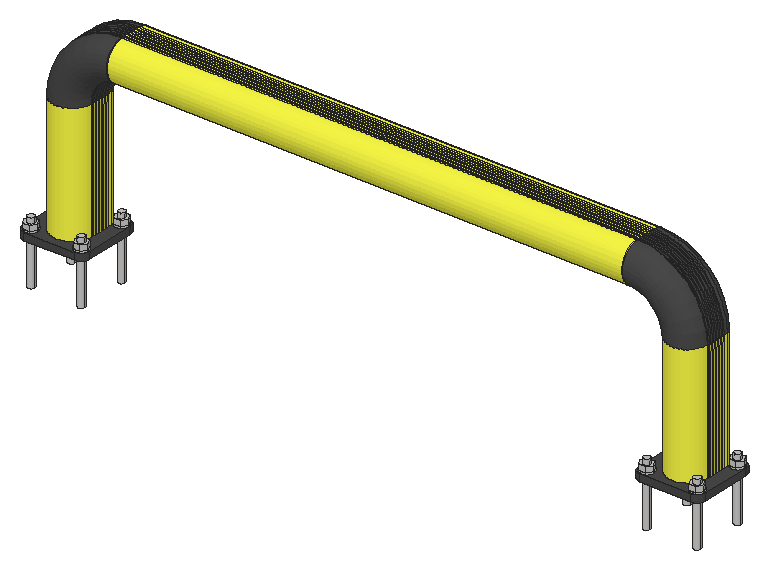
Revit family "Safety & Protection_Barrier_UltiGroup_Guard Rail-FENCE 90", category Generic Models, Revit 2016
Family settings
  Part Type = Normal
  Can host rebar = No
  Round Connector Dimension = Use Diameter
  OmniClass Number = 23.40.70.17
  OmniClass Title = Industrial and Manufacturing Equipment and Furnishings
  Work Plane-Based = No
  Always vertical = Yes
  Cut with Voids When Loaded = No
  Shared = No
  Room Calculation Point = No
Parameters (values of type "Type 1")
  URL = "www.ultigroup.co.nz"
  Toll Free Phone = "0800 807 753"
  StyleOrType_ANZRS = ""
  Send Message = "http://ultigroup.co.nz/contact-ulti-group/"
  SS Bolts = SS Bolts
  Phone = "07 974 4691"
  PVC Yellow = PVC Yellow
  PVC Black = PVC Black
  ModifiedIssue_ANZRS = 0
  Model = "Ulti Guard Rail - FENCE 90"
  Metal Black = Metal Black
  Manufacturer = "UltiGroup"
  InstallationGroup_ANZRS = 0
  FireRating_ANZRS = ""
  FilterObject_ANZRS = ""
  Fence Length = 1100 mm
  Fence Height = 350 mm
  Fax = "07 846 2467"
  Description = "Impactable PVC Guard Rail"
  CreatedBy_ANZRS = "UltiGroup"
  CreatedByURL_ANZRS = "www.ultigroup.co.nz"
  CreatedByPhoneNo_ANZRS = "07 974 4691"
  Bolt hole depth = 80 mm
  Base Plate width = 120 mm
  Base Plate length = 120 mm
  Base Plate Thickness = 12 mm
  Address = "17 McKee Street, Te Rapa, Hamilton, 3200, New Zealand"
  AcousticRating_ANZRS = ""
Reference planes
  plane 1 "Center (Front/Back)": y = 0
  plane 2: z = 0
  plane 3 "Center (Left/Right)": x = 0
  plane 4: x = 1100
  plane 5: z = 12
  plane 6: z = -80
  plane 7: z = 350
  plane 8: y = 45
  plane 9: y = -45
  plane 10: x = -35
  plane 11: x = 35
  plane 12: x = 1065
  plane 13: x = 1135
  plane 14: z = 225
  plane 15: x = 90
  plane 16: x = 1010
  plane 17: z = 280
  plane 18: z = 315
  plane 19: x = -60
  plane 20: x = 70
  plane 21: x = 60
  plane 22: y = 60
  plane 23: y = -60
  plane 24: x = 1160
  plane 25: x = 1040
  plane 26: x = -45
  plane 27: x = 45
  plane 28: x = 1055
  plane 29: x = 1145
  plane 30: y = 45
  plane 31: y = -45
Forms (mm)
  Extrusion 1, solid, material "PVC Yellow" <- "PVC Yellow"
    sketch origin (-2396.047, -1524, 12) x (-1, 0, 0) y (0, -1, 0)
      loop
        arc (-2371.047, -1569) -> (-2363.976, -1566.07) -> (-2361.047, -1558.999) r 10
        line (-2361.047, -1558.999) -> (-2361.047, -1552.554)
        arc (-2361.047, -1552.554) -> (-2361.55, -1550.815) -> (-2360.962, -1549.103) r 3
        arc (-2360.962, -1549.103) -> (-2360.548, -1547.501) -> (-2361.047, -1545.937) r 3
        arc (-2361.047, -1545.937) -> (-2361.551, -1544.272) -> (-2361.047, -1542.622) r 3
        arc (-2361.047, -1542.622) -> (-2360.547, -1540.963) -> (-2361.047, -1539.319) r 3
        arc (-2361.047, -1539.319) -> (-2361.551, -1537.654) -> (-2361.047, -1536.004) r 3
        arc (-2361.047, -1536.004) -> (-2360.547, -1534.346) -> (-2361.047, -1532.701) r 3
        arc (-2361.047, -1532.701) -> (-2361.551, -1531.036) -> (-2361.047, -1529.386) r 3
        arc (-2361.047, -1529.386) -> (-2360.547, -1527.728) -> (-2361.047, -1526.083) r 3
        arc (-2361.047, -1526.083) -> (-2361.552, -1524.417) -> (-2361.047, -1522.766) r 3
        arc (-2361.047, -1522.766) -> (-2360.547, -1521.107) -> (-2361.047, -1519.463) r 3
        arc (-2361.047, -1519.463) -> (-2361.543, -1518.026) -> (-2361.272, -1516.531) r 3
        arc (-2361.272, -1516.531) -> (-2361.126, -1516.051) -> (-2361.047, -1515.555) r 3.696
        line (-2361.047, -1515.555) -> (-2361.047, -1514)
        arc (-2361.047, -1514) -> (-2396.047, -1479) -> (-2431.047, -1514) r 35
        line (-2431.047, -1514) -> (-2431.047, -1515.555)
        arc (-2431.047, -1515.555) -> (-2430.967, -1516.051) -> (-2430.821, -1516.531) r 3.696
        arc (-2430.821, -1516.531) -> (-2430.545, -1517.945) -> (-2430.96, -1519.325) r 3
        arc (-2430.96, -1519.325) -> (-2431.543, -1520.952) -> (-2431.132, -1522.63) r 3
        arc (-2431.132, -1522.63) -> (-2430.545, -1524.262) -> (-2430.96, -1525.946) r 3
        arc (-2430.96, -1525.946) -> (-2431.543, -1527.572) -> (-2431.132, -1529.25) r 3
        arc (-2431.132, -1529.25) -> (-2430.546, -1530.881) -> (-2430.961, -1532.564) r 3
        arc (-2430.961, -1532.564) -> (-2431.543, -1534.19) -> (-2431.132, -1535.868) r 3
        arc (-2431.132, -1535.868) -> (-2430.546, -1537.499) -> (-2430.961, -1539.182) r 3
        arc (-2430.961, -1539.182) -> (-2431.543, -1540.808) -> (-2431.132, -1542.485) r 3
        arc (-2431.132, -1542.485) -> (-2430.546, -1544.117) -> (-2430.961, -1545.8) r 3
        arc (-2430.961, -1545.8) -> (-2431.543, -1547.426) -> (-2431.132, -1549.103) r 3
        arc (-2431.132, -1549.103) -> (-2430.543, -1550.815) -> (-2431.047, -1552.554) r 3
        line (-2431.047, -1552.554) -> (-2431.046, -1559)
        arc (-2431.046, -1559) -> (-2428.117, -1566.071) -> (-2421.046, -1569) r 10
        line (-2421.046, -1569) -> (-2371.047, -1569)
      loop
        line (-3461.047, -1558.999) -> (-3461.047, -1552.554)
        arc (-3461.047, -1552.554) -> (-3461.55, -1550.815) -> (-3460.962, -1549.103) r 3
        arc (-3460.962, -1549.103) -> (-3460.548, -1547.501) -> (-3461.047, -1545.923) r 3
        arc (-3461.047, -1545.923) -> (-3461.551, -1544.272) -> (-3461.047, -1542.606) r 3
        arc (-3461.047, -1542.606) -> (-3460.548, -1540.888) -> (-3461.133, -1539.182) r 3
        arc (-3461.133, -1539.182) -> (-3461.547, -1537.499) -> (-3460.962, -1535.868) r 3
        arc (-3460.962, -1535.868) -> (-3460.551, -1534.19) -> (-3461.133, -1532.564) r 3
        arc (-3461.133, -1532.564) -> (-3461.547, -1530.881) -> (-3460.962, -1529.25) r 3
        arc (-3460.962, -1529.25) -> (-3460.551, -1527.572) -> (-3461.133, -1525.946) r 3
        arc (-3461.133, -1525.946) -> (-3461.548, -1524.262) -> (-3460.962, -1522.63) r 3
        arc (-3460.962, -1522.63) -> (-3460.551, -1520.952) -> (-3461.133, -1519.325) r 3
        arc (-3461.133, -1519.325) -> (-3461.548, -1517.945) -> (-3461.272, -1516.531) r 3
        arc (-3461.272, -1516.531) -> (-3461.126, -1516.051) -> (-3461.047, -1515.555) r 3.696
        line (-3461.047, -1515.555) -> (-3461.047, -1514)
        arc (-3461.047, -1514) -> (-3496.047, -1479) -> (-3531.047, -1514) r 35
        line (-3531.047, -1514) -> (-3531.047, -1515.555)
        arc (-3531.047, -1515.555) -> (-3530.967, -1516.051) -> (-3530.821, -1516.531) r 3.696
        arc (-3530.821, -1516.531) -> (-3530.545, -1517.945) -> (-3530.96, -1519.325) r 3
        arc (-3530.96, -1519.325) -> (-3531.543, -1520.952) -> (-3531.132, -1522.63) r 3
        arc (-3531.132, -1522.63) -> (-3530.545, -1524.262) -> (-3530.96, -1525.946) r 3
        arc (-3530.96, -1525.946) -> (-3531.543, -1527.572) -> (-3531.132, -1529.25) r 3
        arc (-3531.132, -1529.25) -> (-3530.546, -1530.881) -> (-3530.961, -1532.564) r 3
        arc (-3530.961, -1532.564) -> (-3531.543, -1534.19) -> (-3531.132, -1535.868) r 3
        arc (-3531.132, -1535.868) -> (-3530.546, -1537.499) -> (-3530.961, -1539.182) r 3
        arc (-3530.961, -1539.182) -> (-3531.543, -1540.808) -> (-3531.132, -1542.485) r 3
        arc (-3531.132, -1542.485) -> (-3530.546, -1544.117) -> (-3530.961, -1545.8) r 3
        arc (-3530.961, -1545.8) -> (-3531.543, -1547.426) -> (-3531.132, -1549.103) r 3
        arc (-3531.132, -1549.103) -> (-3530.543, -1550.815) -> (-3531.047, -1552.554) r 3
        line (-3531.047, -1552.554) -> (-3531.047, -1559)
        arc (-3531.047, -1559) -> (-3528.117, -1566.071) -> (-3521.046, -1569) r 10
        line (-3521.046, -1569) -> (-3471.047, -1569)
        arc (-3471.047, -1569) -> (-3463.976, -1566.07) -> (-3461.047, -1558.999) r 10
      loop
        arc (-2371.047, -1514) -> (-2396.047, -1489) -> (-2421.047, -1514) r 25
        line (-2421.047, -1514) -> (-2421.047, -1552)
        arc (-2421.047, -1552) -> (-2418.954, -1556.992) -> (-2413.927, -1558.999) r 7
        line (-2413.927, -1558.999) -> (-2378.047, -1558.999)
        arc (-2378.047, -1558.999) -> (-2373.097, -1556.949) -> (-2371.047, -1551.999) r 7
        line (-2371.047, -1551.999) -> (-2371.047, -1514)
      loop
        line (-3521.047, -1514) -> (-3521.047, -1551.999)
        arc (-3521.047, -1551.999) -> (-3518.996, -1556.949) -> (-3514.047, -1558.999) r 7
        line (-3514.047, -1558.999) -> (-3478.167, -1558.999)
        arc (-3478.167, -1558.999) -> (-3473.14, -1556.992) -> (-3471.047, -1552) r 7
        line (-3471.047, -1552) -> (-3471.047, -1514)
        arc (-3471.047, -1514) -> (-3496.047, -1489) -> (-3521.047, -1514) r 25
    from 0 to 213
  Sweep 2, solid, material "PVC Black" <- "PVC Black"
    path origin (0, 0, 0) x (1, 0, 0) y (0, 0, 1)
      loop
        arc (0, 225) -> (26.36, 288.64) -> (90, 315) r 90
    profile origin (26.36, 0, 288.64) x (-0.707107, 0, 0.707107) y (0, -1, 0)
      loop
        line (35, -35) -> (35, -28.554)
        arc (35, -28.554) -> (34.496, -26.815) -> (35.085, -25.103) r 3
        arc (35.085, -25.103) -> (35.496, -23.426) -> (34.914, -21.8) r 3
        arc (34.914, -21.8) -> (34.499, -20.117) -> (35.085, -18.485) r 3
        arc (35.085, -18.485) -> (35.496, -16.808) -> (34.914, -15.182) r 3
        arc (34.914, -15.182) -> (34.499, -13.499) -> (35.085, -11.868) r 3
        arc (35.085, -11.868) -> (35.496, -10.19) -> (34.914, -8.564) r 3
        arc (34.914, -8.564) -> (34.499, -6.881) -> (35.085, -5.25) r 3
        arc (35.085, -5.25) -> (35.496, -3.572) -> (34.913, -1.946) r 3
        arc (34.913, -1.946) -> (34.499, -0.262) -> (35.085, 1.37) r 3
        arc (35.085, 1.37) -> (35.496, 3.048) -> (34.913, 4.675) r 3
        arc (34.913, 4.675) -> (34.498, 6.055) -> (34.775, 7.469) r 3
        arc (34.775, 7.469) -> (34.921, 7.949) -> (35, 8.445) r 3.696
        line (35, 8.445) -> (35, 9.962)
        arc (35, 9.962) -> (0, 44.962) -> (-35, 9.962) r 35
        line (-35, 9.962) -> (-35, 8.449)
        arc (-35, 8.449) -> (-34.921, 7.951) -> (-34.774, 7.469) r 3.696
        arc (-34.774, 7.469) -> (-34.498, 6.055) -> (-34.913, 4.675) r 3
        arc (-34.913, 4.675) -> (-35.496, 3.048) -> (-35.084, 1.37) r 3
        arc (-35.084, 1.37) -> (-34.498, -0.262) -> (-34.913, -1.946) r 3
        arc (-34.913, -1.946) -> (-35.496, -3.572) -> (-35.085, -5.25) r 3
        arc (-35.085, -5.25) -> (-34.499, -6.881) -> (-34.913, -8.564) r 3
        arc (-34.913, -8.564) -> (-35.496, -10.19) -> (-35.085, -11.868) r 3
        arc (-35.085, -11.868) -> (-34.499, -13.499) -> (-34.913, -15.182) r 3
        arc (-34.913, -15.182) -> (-35.496, -16.808) -> (-35.085, -18.485) r 3
        arc (-35.085, -18.485) -> (-34.499, -20.117) -> (-34.913, -21.8) r 3
        arc (-34.913, -21.8) -> (-35.496, -23.426) -> (-35.085, -25.103) r 3
        arc (-35.085, -25.103) -> (-34.496, -26.816) -> (-35, -28.555) r 3
        line (-35, -28.555) -> (-35, -34.999)
        arc (-35, -34.999) -> (-32.071, -42.07) -> (-25, -44.999) r 10
        line (-25, -44.999) -> (25, -45)
        arc (25, -45) -> (32.071, -42.071) -> (35, -35) r 10
      loop
        arc (25, 10) -> (0, 35) -> (-25, 10) r 25
        line (-25, 10) -> (-25, -27.999)
        arc (-25, -27.999) -> (-22.949, -32.949) -> (-18, -34.999) r 7
        line (-18, -34.999) -> (18, -35)
        arc (18, -35) -> (22.95, -32.95) -> (25, -28) r 7
        line (25, -28) -> (25, 10)
  Sweep 3, solid, material "PVC Black" <- "PVC Black"
    path origin (0, 0, 0) x (1, 0, 0) y (0, 0, 1)
      loop
        arc (1010, 315) -> (1073.64, 288.64) -> (1100, 225) r 90
    profile origin (1073.64, 0, 288.64) x (0.707107, 0, 0.707107) y (0, -1, 0)
      loop
        line (35, -35) -> (35, -28.554)
        arc (35, -28.554) -> (34.496, -26.815) -> (35.085, -25.103) r 3
        arc (35.085, -25.103) -> (35.496, -23.426) -> (34.914, -21.8) r 3
        arc (34.914, -21.8) -> (34.499, -20.117) -> (35.085, -18.485) r 3
        arc (35.085, -18.485) -> (35.496, -16.808) -> (34.914, -15.182) r 3
        arc (34.914, -15.182) -> (34.499, -13.499) -> (35.085, -11.868) r 3
        arc (35.085, -11.868) -> (35.496, -10.19) -> (34.914, -8.564) r 3
        arc (34.914, -8.564) -> (34.499, -6.881) -> (35.085, -5.25) r 3
        arc (35.085, -5.25) -> (35.496, -3.572) -> (34.913, -1.946) r 3
        arc (34.913, -1.946) -> (34.499, -0.262) -> (35.085, 1.37) r 3
        arc (35.085, 1.37) -> (35.496, 3.048) -> (34.913, 4.675) r 3
        arc (34.913, 4.675) -> (34.498, 6.055) -> (34.775, 7.469) r 3
        arc (34.775, 7.469) -> (34.921, 7.949) -> (35, 8.445) r 3.696
        line (35, 8.445) -> (35, 9.962)
        arc (35, 9.962) -> (0, 44.962) -> (-35, 9.962) r 35
        line (-35, 9.962) -> (-35, 8.449)
        arc (-35, 8.449) -> (-34.921, 7.951) -> (-34.774, 7.469) r 3.696
        arc (-34.774, 7.469) -> (-34.498, 6.055) -> (-34.913, 4.675) r 3
        arc (-34.913, 4.675) -> (-35.496, 3.048) -> (-35.084, 1.37) r 3
        arc (-35.084, 1.37) -> (-34.498, -0.262) -> (-34.913, -1.946) r 3
        arc (-34.913, -1.946) -> (-35.496, -3.572) -> (-35.085, -5.25) r 3
        arc (-35.085, -5.25) -> (-34.499, -6.881) -> (-34.913, -8.564) r 3
        arc (-34.913, -8.564) -> (-35.496, -10.19) -> (-35.085, -11.868) r 3
        arc (-35.085, -11.868) -> (-34.499, -13.499) -> (-34.913, -15.182) r 3
        arc (-34.913, -15.182) -> (-35.496, -16.808) -> (-35.085, -18.485) r 3
        arc (-35.085, -18.485) -> (-34.499, -20.117) -> (-34.913, -21.8) r 3
        arc (-34.913, -21.8) -> (-35.496, -23.426) -> (-35.085, -25.103) r 3
        arc (-35.085, -25.103) -> (-34.496, -26.816) -> (-35, -28.555) r 3
        line (-35, -28.555) -> (-35, -34.999)
        arc (-35, -34.999) -> (-32.071, -42.07) -> (-25, -44.999) r 10
        line (-25, -44.999) -> (25, -45)
        arc (25, -45) -> (32.071, -42.071) -> (35, -35) r 10
      loop
        line (-25, 10) -> (-25, -27.999)
        arc (-25, -27.999) -> (-22.949, -32.949) -> (-18, -34.999) r 7
        line (-18, -34.999) -> (18, -35)
        arc (18, -35) -> (22.95, -32.95) -> (25, -28) r 7
        line (25, -28) -> (25, 10)
        arc (25, 10) -> (0, 35) -> (-25, 10) r 25
  Extrusion 4, solid, material "PVC Yellow" <- "PVC Yellow"
    sketch origin (90, -1524, 350) x (0, 0, 1) y (0, -1, 0)
      loop
        line (-60, -1569) -> (-10, -1569)
        arc (-10, -1569) -> (-2.929, -1566.071) -> (0, -1559) r 10
        line (0, -1559) -> (0, -1552.554)
        arc (0, -1552.554) -> (-0.504, -1550.815) -> (0.085, -1549.103) r 3
        arc (0.085, -1549.103) -> (0.496, -1547.426) -> (-0.086, -1545.8) r 3
        arc (-0.086, -1545.8) -> (-0.501, -1544.117) -> (0.085, -1542.485) r 3
        arc (0.085, -1542.485) -> (0.496, -1540.808) -> (-0.086, -1539.182) r 3
        arc (-0.086, -1539.182) -> (-0.501, -1537.499) -> (0.085, -1535.868) r 3
        arc (0.085, -1535.868) -> (0.496, -1534.19) -> (-0.086, -1532.564) r 3
        arc (-0.086, -1532.564) -> (-0.501, -1530.881) -> (0.085, -1529.25) r 3
        arc (0.085, -1529.25) -> (0.496, -1527.572) -> (-0.087, -1525.946) r 3
        arc (-0.087, -1525.946) -> (-0.501, -1524.262) -> (0.085, -1522.63) r 3
        arc (0.085, -1522.63) -> (0.496, -1520.952) -> (-0.087, -1519.325) r 3
        arc (-0.087, -1519.325) -> (-0.502, -1517.945) -> (-0.225, -1516.531) r 3
        arc (-0.225, -1516.531) -> (-0.079, -1516.051) -> (0, -1515.555) r 3.696
        line (0, -1515.555) -> (0, -1514.038)
        arc (0, -1514.038) -> (-35, -1479.038) -> (-70, -1514.038) r 35
        line (-70, -1514.038) -> (-70, -1515.551)
        arc (-70, -1515.551) -> (-69.921, -1516.049) -> (-69.774, -1516.531) r 3.696
        arc (-69.774, -1516.531) -> (-69.498, -1517.945) -> (-69.913, -1519.325) r 3
        arc (-69.913, -1519.325) -> (-70.496, -1520.952) -> (-70.084, -1522.63) r 3
        arc (-70.084, -1522.63) -> (-69.498, -1524.262) -> (-69.913, -1525.946) r 3
        arc (-69.913, -1525.946) -> (-70.496, -1527.572) -> (-70.085, -1529.25) r 3
        arc (-70.085, -1529.25) -> (-69.499, -1530.881) -> (-69.913, -1532.564) r 3
        arc (-69.913, -1532.564) -> (-70.496, -1534.19) -> (-70.085, -1535.868) r 3
        arc (-70.085, -1535.868) -> (-69.499, -1537.499) -> (-69.913, -1539.182) r 3
        arc (-69.913, -1539.182) -> (-70.496, -1540.808) -> (-70.085, -1542.485) r 3
        arc (-70.085, -1542.485) -> (-69.499, -1544.117) -> (-69.913, -1545.8) r 3
        arc (-69.913, -1545.8) -> (-70.496, -1547.426) -> (-70.085, -1549.103) r 3
        arc (-70.085, -1549.103) -> (-69.496, -1550.816) -> (-70, -1552.555) r 3
        line (-70, -1552.555) -> (-70, -1558.999)
        arc (-70, -1558.999) -> (-67.071, -1566.07) -> (-60, -1569) r 10
      loop
        line (-60, -1514) -> (-60, -1551.999)
        arc (-60, -1551.999) -> (-57.949, -1556.949) -> (-53, -1558.999) r 7
        line (-53, -1558.999) -> (-17, -1559)
        arc (-17, -1559) -> (-12.05, -1556.95) -> (-10, -1552) r 7
        line (-10, -1552) -> (-10, -1514)
        arc (-10, -1514) -> (-35, -1489) -> (-60, -1514) r 25
    from 0 to 920
  Extrusion 5, solid, material "Metal Black" <- "Metal Black"
    sketch origin (0, 0, 0) x (1, 0, 0) y (0, 1, 0)
      loop
        line (-60, 45) -> (-60, -45)
        arc (-60, -45) -> (-55.607, -55.607) -> (-45, -60) r 15
        line (-45, -60) -> (45, -60)
        arc (45, -60) -> (55.607, -55.607) -> (60, -45) r 15
        line (60, -45) -> (60, 45)
        arc (60, 45) -> (55.607, 55.607) -> (45, 60) r 15
        line (45, 60) -> (-45, 60)
        arc (-45, 60) -> (-55.607, 55.607) -> (-60, 45) r 15
      loop
        line (1160, -45) -> (1160, 45)
        arc (1160, 45) -> (1155.607, 55.607) -> (1145, 60) r 15
        line (1145, 60) -> (1055, 60)
        arc (1055, 60) -> (1044.393, 55.607) -> (1040, 45) r 15
        line (1040, 45) -> (1040, -45)
        arc (1040, -45) -> (1044.393, -55.607) -> (1055, -60) r 15
        line (1055, -60) -> (1145, -60)
        arc (1145, -60) -> (1155.607, -55.607) -> (1160, -45) r 15
      loop
        circle (-45, 45) r 6
      loop
        circle (45, 45) r 6
      loop
        circle (-45, -45) r 6
      loop
        circle (45, -45) r 6
      loop
        circle (1055, 45) r 6
      loop
        circle (1145, 45) r 6
      loop
        circle (1055, -45) r 6
      loop
        circle (1145, -45) r 6
    from 0 to 12
  Extrusion 6, solid, material "SS Bolts" <- "SS Bolts"
    sketch origin (-2396.047, -1524, 12) x (-1, 0, 0) y (0, -1, 0)
      loop
        circle (-2351.047, -1569) r 6
      loop
        circle (-2441.047, -1569) r 6
      loop
        circle (-2441.047, -1479) r 6
      loop
        circle (-2351.047, -1479) r 6
    from -92 to 20
  Extrusion 7, solid, material "SS Bolts" <- "SS Bolts"
    sketch origin (-2396.047, -1524, 12) x (-1, 0, 0) y (0, -1, 0)
      loop
        circle (-2351.047, -1569) r 6
      loop
        circle (-2441.047, -1569) r 6
      loop
        circle (-2441.047, -1479) r 6
      loop
        circle (-2351.047, -1479) r 6
      loop
        circle (-2351.047, -1479) r 12
      loop
        circle (-2351.047, -1569) r 12
      loop
        circle (-2441.047, -1479) r 12
      loop
        circle (-2441.047, -1569) r 12
    from 0 to 2
  Extrusion 8, solid, material "SS Bolts" <- "SS Bolts"
    sketch origin (-2396.047, -1524, 12) x (-1, 0, 0) y (0, -1, 0)
      loop
        line (-2363.047, -1569) -> (-2357.047, -1579.392) -> (-2345.047, -1579.392) -> (-2339.047, -1569) -> (-2345.047, -1558.608) -> (-2357.047, -1558.608) -> (-2363.047, -1569)
      loop
        circle (-2351.047, -1569) r 6
      loop
        line (-2363.047, -1479) -> (-2357.047, -1489.392) -> (-2345.047, -1489.392) -> (-2339.047, -1479) -> (-2345.047, -1468.608) -> (-2357.047, -1468.608) -> (-2363.047, -1479)
      loop
        circle (-2351.047, -1479) r 6
      loop
        circle (-2441.047, -1569) r 6
      loop
        circle (-2441.047, -1479) r 6
      loop
        line (-2453.047, -1479) -> (-2447.047, -1489.392) -> (-2435.047, -1489.392) -> (-2429.047, -1479) -> (-2435.047, -1468.608) -> (-2447.047, -1468.608) -> (-2453.047, -1479)
      loop
        line (-2453.047, -1569) -> (-2447.047, -1579.392) -> (-2435.047, -1579.392) -> (-2429.047, -1569) -> (-2435.047, -1558.608) -> (-2447.047, -1558.608) -> (-2453.047, -1569)
    from 0 to 12
  Extrusion 9, solid, material "SS Bolts" <- "SS Bolts"
    sketch origin (-2396.047, -1524, 12) x (-1, 0, 0) y (0, -1, 0)
      loop
        circle (-3541.047, -1569) r 6
      loop
        circle (-3451.047, -1569) r 6
      loop
        circle (-3451.047, -1479) r 6
      loop
        circle (-3541.047, -1479) r 6
    from -92 to 20
  Extrusion 10, solid, material "SS Bolts" <- "SS Bolts"
    sketch origin (-2396.047, -1524, 12) x (-1, 0, 0) y (0, -1, 0)
      loop
        circle (-3541.047, -1479) r 12
      loop
        circle (-3451.047, -1479) r 12
      loop
        circle (-3541.047, -1569) r 12
      loop
        circle (-3451.047, -1569) r 12
    from 0 to 2
  Extrusion 11, solid, material "SS Bolts" <- "SS Bolts"
    sketch origin (-2396.047, -1524, 12) x (-1, 0, 0) y (0, -1, 0)
      loop
        line (-3553.047, -1569) -> (-3547.047, -1579.392) -> (-3535.047, -1579.392) -> (-3529.047, -1569) -> (-3535.047, -1558.608) -> (-3547.047, -1558.608) -> (-3553.047, -1569)
      loop
        circle (-3541.047, -1569) r 6
      loop
        line (-3553.047, -1479) -> (-3547.047, -1489.392) -> (-3535.047, -1489.392) -> (-3529.047, -1479) -> (-3535.047, -1468.608) -> (-3547.047, -1468.608) -> (-3553.047, -1479)
      loop
        circle (-3541.047, -1479) r 6
      loop
        circle (-3451.047, -1479) r 6
      loop
        line (-3463.047, -1479) -> (-3457.047, -1489.392) -> (-3445.047, -1489.392) -> (-3439.047, -1479) -> (-3445.047, -1468.608) -> (-3457.047, -1468.608) -> (-3463.047, -1479)
      loop
        line (-3463.047, -1569) -> (-3457.047, -1579.392) -> (-3445.047, -1579.392) -> (-3439.047, -1569) -> (-3445.047, -1558.608) -> (-3457.047, -1558.608) -> (-3463.047, -1569)
      loop
        circle (-3451.047, -1569) r 6
    from 0 to 12
Cuts and joins
  joined: Extrusion 6, Extrusion 7, Extrusion 8
  joined: Extrusion 9, Extrusion 10, Extrusion 11
Dimensions and locks
  "Fence Length": plane 3 "Center (Left/Right)" to plane 4
  "Base Plate Thickness": plane 5 to level
  "Bolt hole depth": level to plane 6
  "Fence Height": plane 7 to level
  locked: plane 8 to plane 9 at 90
  equal spacing: plane 8, plane 1 "Center (Front/Back)", plane 9
  locked: plane 10 to plane 11 at 70
  equal spacing: plane 10, plane 3 "Center (Left/Right)", plane 11
  locked: plane 12 to plane 13 at 70
  equal spacing: plane 12, plane 4, plane 13
  locked: plane 11 to plane 15 at 55
  locked: plane 16 to plane 12 at 55
  locked: plane 7 to plane 14 at 125
  locked: plane 7 to plane 17 at 70
  equal spacing: plane 7, plane 18, plane 17
  "Base Plate width": plane 19 to plane 21
  equal spacing: plane 19, plane 3 "Center (Left/Right)", plane 21
  "Base Plate length": plane 22 to plane 23
  equal spacing: plane 22, plane 1 "Center (Front/Back)", plane 23
  "Base Plate width": plane 25 to plane 24
  equal spacing: plane 25, plane 4, plane 24
  locked: plane 19 to plane 26 at 15
  locked: plane 27 to plane 21 at 15
  locked: plane 29 to plane 24 at 15
  locked: plane 25 to plane 28 at 15
  locked: plane 31 to plane 23 at 15
  locked: plane 22 to plane 30 at 15
  aligned and locked: level to plane 2
  aligned and locked: Extrusion 1 sketch curve to plane 8
  aligned and locked: Extrusion 1 sketch curve to plane 10
  aligned and locked: Extrusion 1 sketch curve to plane 11
  aligned and locked: Extrusion 1 sketch curve to plane 12
  aligned and locked: Extrusion 1 sketch curve to plane 13
  aligned and locked: Extrusion 1 to plane 14
  aligned and locked: plane 8 to Sweep 2 sketch curve
  aligned and locked: plane 8 to Sweep 3 sketch curve
  aligned and locked: plane 8 to Extrusion 4 sketch curve
  aligned and locked: plane 17 to Extrusion 4 sketch curve
  aligned and locked: Extrusion 4 sketch curve to Sweep 2  (x3)
  aligned and locked: plane 16 to Extrusion 4
  aligned and locked: Extrusion 5 sketch curve to plane 19
  aligned and locked: Extrusion 5 sketch curve to plane 21
  aligned and locked: Extrusion 5 sketch curve to plane 22
  aligned and locked: Extrusion 5 sketch curve to plane 23
  aligned and locked: Extrusion 5 sketch curve to plane 24
  aligned and locked: Extrusion 5 sketch curve to plane 25
  aligned and locked: plane 26 to Extrusion 5 sketch curve  (x2)
  aligned and locked: Extrusion 5 sketch curve to plane 30  (x4)
  aligned and locked: plane 27 to Extrusion 5 sketch curve  (x2)
  aligned and locked: Extrusion 5 sketch curve to plane 31  (x4)
  aligned and locked: plane 28 to Extrusion 5 sketch curve  (x2)
  aligned and locked: plane 29 to Extrusion 5 sketch curve  (x2)
  aligned and locked: plane 5 to Extrusion 5
  aligned and locked: Extrusion 6 sketch curve to Extrusion 5  (x8)
  aligned and locked: Extrusion 6 to plane 6
  aligned and locked: Extrusion 7 sketch curve to Extrusion 6  (x8)
  aligned and locked: plane 26 to Extrusion 7 sketch curve  (x2)
  aligned and locked: Extrusion 7 sketch curve to plane 31  (x2)
  aligned and locked: Extrusion 7 sketch curve to plane 30  (x2)
  aligned and locked: plane 27 to Extrusion 7 sketch curve  (x2)
  aligned and locked: Extrusion 8 sketch curve to Extrusion 6  (x8)
  aligned and locked: Extrusion 9 sketch curve to Extrusion 5  (x8)
  aligned and locked: Extrusion 9 to plane 6
  aligned and locked: plane 29 to Extrusion 10 sketch curve  (x2)
  aligned and locked: Extrusion 10 sketch curve to plane 31  (x2)
  aligned and locked: plane 28 to Extrusion 10 sketch curve  (x2)
  aligned and locked: Extrusion 10 sketch curve to plane 30  (x2)
  aligned and locked: Extrusion 11 sketch curve to cut or joined group of Extrusion 9, Extrusion 10, Extrusion 11  (x8)
Automatic sketch dimensions
  Extrusion 1 sketch curve to Extrusion 1 sketch curve = 0 mm  (x10)
  Extrusion 1 sketch curve to plane 8 = 0 mm
  plane 11 to Extrusion 1 sketch curve = 0.085 mm  (x5)
  Extrusion 1 sketch curve to plane 3 "Center (Left/Right)" = 0 mm
  Extrusion 1 sketch curve to plane 10 = 0 mm  (x18)
  Extrusion 1 sketch curve to plane 1 "Center (Front/Back)" = 0.417 mm  (x4)
  plane 13 to Extrusion 1 sketch curve = 2.495 mm  (x2)
  plane 13 to Extrusion 1 sketch curve = 2.496 mm  (x4)
  Extrusion 1 sketch curve to plane 13 = 2.5 mm  (x5)
  Extrusion 1 sketch curve to plane 13 = 3.681 mm
  Extrusion 1 sketch curve to Extrusion 1 sketch curve = 6.319 mm
  Extrusion 1 sketch curve to plane 13 = 10 mm
  Extrusion 1 sketch curve to Extrusion 1 sketch curve = 7 mm  (x3)
  Extrusion 1 sketch curve to Extrusion 1 sketch curve = 0.12 mm  (x2)
  plane 12 to Extrusion 1 sketch curve = 10 mm
  plane 12 to Extrusion 1 sketch curve = 3.681 mm
  plane 12 to Extrusion 1 sketch curve = 2.5 mm  (x5)
  Extrusion 1 sketch curve to plane 12 = 2.495 mm  (x2)
  Extrusion 1 sketch curve to plane 12 = 2.496 mm  (x4)
  plane 11 to Extrusion 1 sketch curve = 2.496 mm  (x4)
  plane 11 to Extrusion 1 sketch curve = 2.495 mm  (x2)
  Extrusion 1 sketch curve to plane 11 = 2.5 mm  (x5)
  Extrusion 1 sketch curve to plane 11 = 3.681 mm
  Extrusion 1 sketch curve to Extrusion 1 sketch curve = 7.5 mm
  plane 10 to Extrusion 1 sketch curve = 3.681 mm
  plane 10 to Extrusion 1 sketch curve = 2.5 mm  (x5)
  Extrusion 1 sketch curve to plane 10 = 2.495 mm  (x2)
  Extrusion 1 sketch curve to plane 10 = 2.496 mm  (x4)
  Extrusion 1 sketch curve to Extrusion 1 sketch curve = 10 mm
  Extrusion 1 sketch curve to plane 8 = 10.001 mm  (x2)
  Extrusion 1 sketch curve to Extrusion 1 sketch curve = 0.001 mm
  Extrusion 1 sketch curve to Extrusion 1 sketch curve = 6.445 mm  (x2)
  Extrusion 1 sketch curve to Extrusion 1 sketch curve = 6.446 mm  (x2)
  Extrusion 1 sketch curve to Extrusion 1 sketch curve = 1.665 mm  (x4)
  Extrusion 1 sketch curve to Extrusion 1 sketch curve = 4.973 mm  (x3)
  Extrusion 1 sketch curve to Extrusion 1 sketch curve = 3.309 mm  (x12)
  Extrusion 1 sketch curve to Extrusion 1 sketch curve = 3.308 mm  (x8)
  Extrusion 1 sketch curve to plane 1 "Center (Front/Back)" = 3.728 mm  (x4)
  plane 1 "Center (Front/Back)" to Extrusion 1 sketch curve = 2.893 mm  (x4)
  Extrusion 1 sketch curve to Extrusion 1 sketch curve = 3.311 mm  (x4)
  Extrusion 1 sketch curve to Extrusion 1 sketch curve = 2.241 mm  (x3)
  Extrusion 1 sketch curve to Extrusion 1 sketch curve = 0.336 mm  (x4)
  Extrusion 1 sketch curve to Extrusion 1 sketch curve = 1.219 mm
  plane 13 to Extrusion 1 sketch curve = 0.085 mm  (x5)
  Extrusion 1 sketch curve to plane 13 = 0.225 mm
  plane 12 to Extrusion 1 sketch curve = 0.225 mm
  Extrusion 1 sketch curve to plane 12 = 0.085 mm  (x4)
  Extrusion 1 sketch curve to plane 11 = 0.225 mm
  plane 10 to Extrusion 1 sketch curve = 0.225 mm
  Extrusion 1 sketch curve to plane 10 = 0.085 mm
  Extrusion 1 sketch curve to Extrusion 1 sketch curve = 0.014 mm  (x5)
  Extrusion 1 sketch curve to Extrusion 1 sketch curve = 0.015 mm  (x5)
  Extrusion 1 sketch curve to plane 4 = 0 mm
  Extrusion 1 sketch curve to Extrusion 1 sketch curve = 1.522 mm
  Extrusion 1 sketch curve to Extrusion 1 sketch curve = 6.999 mm
  Extrusion 1 sketch curve to plane 12 = 0 mm  (x4)
  plane 12 to Extrusion 1 sketch curve = 0.086 mm  (x2)
  Extrusion 1 sketch curve to plane 11 = 0.087 mm  (x2)
  Extrusion 1 sketch curve to plane 11 = 0.086 mm  (x3)
  Extrusion 1 sketch curve to plane 11 = 0 mm
  Extrusion 1 sketch curve to Extrusion 1 sketch curve = 1.556 mm
  Extrusion 1 sketch curve to plane 13 = 0 mm
  Extrusion 1 sketch curve to plane 13 = 0.086 mm  (x3)
  Extrusion 1 sketch curve to plane 13 = 0.087 mm  (x2)
  plane 12 to Extrusion 1 sketch curve = 0.087 mm  (x2)
  plane 11 to Sweep 2 sketch curve = 55 mm
  Sweep 2 sketch curve to plane 3 "Center (Left/Right)" = 0 mm
  Sweep 2 sketch curve to Sweep 2 sketch curve = 0.001 mm
  Sweep 2 sketch curve to Sweep 2 sketch curve = 0 mm  (x5)
  profile plane to Sweep 2 sketch curve = 25 mm
  Sweep 2 sketch curve to Sweep 2 sketch curve = 7 mm  (x5)
  Sweep 2 sketch curve to profile plane = 0 mm
  Sweep 2 sketch curve to plane 1 "Center (Front/Back)" = 34.999 mm
  plane 1 "Center (Front/Back)" to Sweep 2 sketch curve = 10 mm
  Sweep 2 sketch curve to Sweep 2 sketch curve = 0.038 mm
  Sweep 2 sketch curve to Sweep 2 sketch curve = 10 mm  (x2)
  Sweep 2 sketch curve to Sweep 2 sketch curve = 7.5 mm
  Sweep 2 sketch curve to Sweep 2 sketch curve = 4.996 mm
  Sweep 2 sketch curve to Sweep 2 sketch curve = 3.308 mm
  Sweep 2 sketch curve to Sweep 2 sketch curve = 2.414 mm  (x6)
  Sweep 2 sketch curve to Sweep 2 sketch curve = 2.495 mm  (x2)
  Sweep 2 sketch curve to Sweep 2 sketch curve = 2.585 mm  (x10)
  Sweep 2 sketch curve to Sweep 2 sketch curve = 1.665 mm
  Sweep 2 sketch curve to Sweep 2 sketch curve = 2.582 mm  (x6)
  Sweep 2 sketch curve to Sweep 2 sketch curve = 1.528 mm  (x6)
  Sweep 2 sketch curve to Sweep 2 sketch curve = 2.41 mm  (x7)
  Sweep 2 sketch curve to Sweep 2 sketch curve = 1.522 mm  (x7)
  Sweep 2 sketch curve to plane 1 "Center (Front/Back)" = 1.946 mm  (x2)
  Sweep 2 sketch curve to plane 1 "Center (Front/Back)" = 0.417 mm  (x2)
  Sweep 2 sketch curve to Sweep 2 sketch curve = 2.581 mm  (x4)
  plane 1 "Center (Front/Back)" to Sweep 2 sketch curve = 1.37 mm  (x2)
  plane 1 "Center (Front/Back)" to Sweep 2 sketch curve = 2.893 mm  (x2)
  Sweep 2 sketch curve to Sweep 2 sketch curve = 2.413 mm  (x2)
  Sweep 2 sketch curve to Sweep 2 sketch curve = 1.529 mm  (x2)
  Sweep 2 sketch curve to Sweep 2 sketch curve = 3.455 mm
  Sweep 2 sketch curve to Sweep 2 sketch curve = 1.312 mm  (x2)
  Sweep 2 sketch curve to Sweep 2 sketch curve = 0.225 mm  (x2)
  Sweep 2 sketch curve to Sweep 2 sketch curve = 3.594 mm
  Sweep 2 sketch curve to Sweep 2 sketch curve = 8.11 mm
  Sweep 2 sketch curve to Sweep 2 sketch curve = 1.666 mm
  Sweep 2 sketch curve to Sweep 2 sketch curve = 0.98 mm
  Sweep 2 sketch curve to Sweep 2 sketch curve = 0.226 mm
  Sweep 2 sketch curve to Sweep 2 sketch curve = 2.72 mm
  Sweep 2 sketch curve to plane 14 = 0 mm
  profile plane to Sweep 2 sketch curve = 31.319 mm
  Sweep 3 sketch curve to plane 12 = 55 mm
  Sweep 3 sketch curve to plane 4 = 0 mm
  plane 1 "Center (Front/Back)" to Sweep 3 sketch curve = 9.962 mm
  Sweep 3 sketch curve to Sweep 3 sketch curve = 0.001 mm
  Sweep 3 sketch curve to Sweep 3 sketch curve = 0 mm  (x5)
  profile plane to Sweep 3 sketch curve = 25 mm
  Sweep 3 sketch curve to Sweep 3 sketch curve = 7 mm  (x5)
  Sweep 3 sketch curve to profile plane = 0 mm  (x2)
  Sweep 3 sketch curve to plane 1 "Center (Front/Back)" = 34.999 mm
  Sweep 3 sketch curve to Sweep 3 sketch curve = 0.038 mm
  Sweep 3 sketch curve to Sweep 3 sketch curve = 10 mm
  Sweep 3 sketch curve to Sweep 3 sketch curve = 7.5 mm
  Sweep 3 sketch curve to Sweep 3 sketch curve = 4.996 mm
  Sweep 3 sketch curve to Sweep 3 sketch curve = 8.111 mm
  Sweep 3 sketch curve to Sweep 3 sketch curve = 3.308 mm
  Sweep 3 sketch curve to Sweep 3 sketch curve = 2.414 mm  (x6)
  Sweep 3 sketch curve to Sweep 3 sketch curve = 2.495 mm  (x2)
  Sweep 3 sketch curve to Sweep 3 sketch curve = 2.585 mm  (x10)
  Sweep 3 sketch curve to Sweep 3 sketch curve = 1.665 mm
  Sweep 3 sketch curve to Sweep 3 sketch curve = 2.582 mm  (x6)
  Sweep 3 sketch curve to Sweep 3 sketch curve = 1.528 mm  (x6)
  Sweep 3 sketch curve to Sweep 3 sketch curve = 2.41 mm  (x7)
  Sweep 3 sketch curve to Sweep 3 sketch curve = 1.522 mm  (x7)
  Sweep 3 sketch curve to plane 1 "Center (Front/Back)" = 1.946 mm  (x2)
  Sweep 3 sketch curve to plane 1 "Center (Front/Back)" = 0.417 mm  (x2)
  Sweep 3 sketch curve to Sweep 3 sketch curve = 2.581 mm  (x4)
  plane 1 "Center (Front/Back)" to Sweep 3 sketch curve = 1.37 mm  (x2)
  plane 1 "Center (Front/Back)" to Sweep 3 sketch curve = 2.893 mm  (x2)
  Sweep 3 sketch curve to Sweep 3 sketch curve = 2.413 mm  (x2)
  Sweep 3 sketch curve to Sweep 3 sketch curve = 1.529 mm  (x2)
  Sweep 3 sketch curve to Sweep 3 sketch curve = 0.225 mm  (x2)
  Sweep 3 sketch curve to Sweep 3 sketch curve = 3.455 mm  (x2)
  Sweep 3 sketch curve to Sweep 3 sketch curve = 1.312 mm  (x2)
  Sweep 3 sketch curve to Sweep 3 sketch curve = 1.666 mm
  Sweep 3 sketch curve to Sweep 3 sketch curve = 0.226 mm
  Sweep 3 sketch curve to Sweep 3 sketch curve = 2.72 mm
  Sweep 3 sketch curve to Sweep 3 sketch curve = 2.409 mm
  Sweep 3 sketch curve to plane 14 = 0 mm
  Sweep 3 sketch curve to Sweep 3 sketch curve = 6.319 mm
  plane 6 to Extrusion 4 sketch curve = 370 mm
  Extrusion 4 sketch curve to Extrusion 4 sketch curve = 0.001 mm
  Extrusion 4 sketch curve to Extrusion 4 sketch curve = 0 mm  (x4)
  Extrusion 4 sketch curve to Extrusion 4 sketch curve = 10 mm
  Extrusion 4 sketch curve to Extrusion 4 sketch curve = 7 mm  (x3)
  plane 18 to Extrusion 4 sketch curve = 0 mm
  Extrusion 4 sketch curve to Extrusion 4 sketch curve = 0.038 mm
  Extrusion 4 sketch curve to plane 7 = 2.5 mm  (x5)
  plane 7 to Extrusion 4 sketch curve = 2.495 mm  (x6)
  Extrusion 4 sketch curve to Extrusion 4 sketch curve = 8.111 mm
  Extrusion 4 sketch curve to Extrusion 4 sketch curve = 3.308 mm
  Extrusion 4 sketch curve to plane 7 = 0.086 mm  (x3)
  plane 7 to Extrusion 4 sketch curve = 0.085 mm  (x5)
  Extrusion 4 sketch curve to Extrusion 4 sketch curve = 1.665 mm
  Extrusion 4 sketch curve to Extrusion 4 sketch curve = 1.528 mm  (x3)
  Extrusion 4 sketch curve to Extrusion 4 sketch curve = 1.522 mm  (x3)
  Extrusion 4 sketch curve to plane 7 = 0.087 mm  (x2)
  Extrusion 4 sketch curve to plane 1 "Center (Front/Back)" = 0.417 mm  (x2)
  plane 1 "Center (Front/Back)" to Extrusion 4 sketch curve = 2.893 mm  (x2)
  Extrusion 4 sketch curve to Extrusion 4 sketch curve = 1.529 mm  (x2)
  Extrusion 4 sketch curve to plane 7 = 0.225 mm
  Extrusion 4 sketch curve to plane 7 = 3.681 mm
  Extrusion 4 sketch curve to Extrusion 4 sketch curve = 1.312 mm
  Extrusion 4 sketch curve to plane 17 = 2.494 mm  (x2)
  plane 17 to Extrusion 4 sketch curve = 3.681 mm
  Extrusion 4 sketch curve to Extrusion 4 sketch curve = 3.759 mm
  Extrusion 4 sketch curve to Extrusion 4 sketch curve = 1.181 mm
  plane 17 to Extrusion 4 sketch curve = 0.087 mm  (x5)
  plane 17 to Extrusion 4 sketch curve = 0.226 mm
  plane 17 to Extrusion 4 sketch curve = 2.5 mm  (x5)
  Extrusion 4 sketch curve to plane 17 = 0.084 mm
  Extrusion 4 sketch curve to Extrusion 4 sketch curve = 1.782 mm
  Extrusion 4 sketch curve to plane 17 = 0.085 mm  (x4)
  Extrusion 4 sketch curve to plane 17 = 2.495 mm  (x4)
  Extrusion 4 sketch curve to Extrusion 4 sketch curve = 1.786 mm  (x4)
  Extrusion 4 sketch curve to Extrusion 4 sketch curve = 1.781 mm  (x3)
  Extrusion 4 sketch curve to plane 17 = 0 mm
  Extrusion 5 sketch curve to plane 8 = 0 mm  (x4)
  Extrusion 5 sketch curve to plane 9 = 0 mm  (x4)
  Extrusion 5 sketch curve to plane 22 = 0 mm
  Extrusion 5 sketch curve to plane 23 = 0 mm
  plane 30 to Extrusion 8 sketch curve = 0 mm  (x4)
  plane 26 to Extrusion 8 sketch curve = 6 mm  (x4)
  plane 10 to Extrusion 8 sketch curve = 2 mm  (x2)
  Extrusion 8 sketch curve to plane 26 = 6 mm  (x4)
  plane 19 to Extrusion 8 sketch curve = 3 mm  (x2)
  Extrusion 8 sketch curve to plane 22 = 4.608 mm  (x2)
  Extrusion 8 sketch curve to Extrusion 8 sketch curve = 10.392 mm  (x3)
  plane 31 to Extrusion 8 sketch curve = 0 mm  (x4)
  plane 23 to Extrusion 8 sketch curve = 4.608 mm  (x2)
  Extrusion 8 sketch curve to plane 21 = 3 mm  (x2)
  plane 27 to Extrusion 8 sketch curve = 6 mm  (x4)
  Extrusion 8 sketch curve to plane 27 = 6 mm  (x4)
  Extrusion 8 sketch curve to plane 11 = 2 mm  (x2)
  Extrusion 8 sketch curve to plane 30 = 10.392 mm
  plane 30 to Extrusion 11 sketch curve = 0 mm  (x4)
  plane 29 to Extrusion 11 sketch curve = 6 mm  (x4)
  plane 24 to Extrusion 11 sketch curve = 3 mm  (x2)
  Extrusion 11 sketch curve to plane 29 = 6 mm  (x4)
  Extrusion 11 sketch curve to plane 13 = 2 mm  (x2)
  Extrusion 11 sketch curve to plane 22 = 4.608 mm  (x2)
  Extrusion 11 sketch curve to plane 30 = 10.392 mm  (x2)
  plane 31 to Extrusion 11 sketch curve = 0 mm  (x4)
  Extrusion 11 sketch curve to Extrusion 11 sketch curve = 10.392 mm  (x2)
  plane 23 to Extrusion 11 sketch curve = 4.608 mm  (x2)
  plane 12 to Extrusion 11 sketch curve = 2 mm  (x2)
  plane 28 to Extrusion 11 sketch curve = 6 mm  (x4)
  Extrusion 11 sketch curve to plane 28 = 6 mm  (x4)
  plane 25 to Extrusion 11 sketch curve = 3 mm  (x2)
  radius of Extrusion 5 sketch curve = 6 mm  (x8)
  radius of Extrusion 7 sketch curve = 12 mm  (x4)
  radius of Extrusion 10 sketch curve = 12 mm  (x4)
